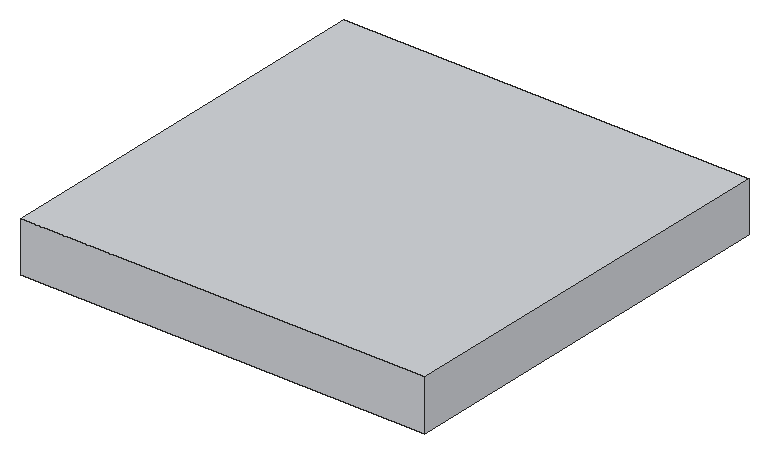
Revit family "Sanitary_Toilet-Seats_DELABIE_101619-Toilet-seat postraitement", category Appareils sanitaires, Revit 2018
Family settings
  Hôte = Face
  Cote de connecteur circulaire = Utiliser le diamètre
  Type d'élément = Normal
  Couper avec des vides une fois chargée = Non
  Partagée = Non
  Point de calcul de pièce = Non
Parameters
  Default Elevation = 1219.2 mm
Reference planes
  plane 1 "Centre (avant/arrière)": y = 0
  plane 2: z = 0
  plane 3 "Centre (gauche/droite)": x = 0
Forms (mm)
  Extrusion 1, solid
    sketch origin (0, 0, 0) x (1, 0, 0) y (0, 1, 0)
      loop
        line (-1219.2, 1219.2) -> (-1219.2, -1219.2) -> (1219.2, -1219.2) -> (1219.2, 1219.2) -> (-1219.2, 1219.2)
    from 0 to -304.8
Dimensions and locks
  aligned and locked: plane 2 to Extrusion 1
  aligned and locked: level to Extrusion 1
Nested families
  nested 1: "Sanitary_Toilet-Seats_DELABIE_101619-Toilet-seat" at (0, 0, 0), type "Default"
Definition of nested family "Sanitary_Toilet-Seats_DELABIE_101619-Toilet-seat"
  Parameters (values of type "Default")
    Youtube clip = ""
    Uniformat II Description = ""
    Uniformat II Code = ""
    Uniclass 2015 Name = "Toilets"
    Uniclass 2015 Code = "SL_35_80_89"
    Uniclass 2.0 Description = ""
    Uniclass 2.0 Code = ""
    Uniclass 1.4 Description = "Toilets"
    Uniclass 1.4 Code = "L7216"
    UNSPSC Code = "301815"
    Technical description = "https://www.delabie.com/products/101619"
    Region South America = "AR, BO, BR, CL, CO, EC, FK, GF, GY, PE, PY, SR, UY, VE"
    Region Oceania = "AU, FJ, NC, NZ, PG, SB, TL, VU"
    Region North America = "BS, BZ, CA, CR, CU, DO, GL, GT, HN, HT, JM, MX, NI, PA, PR, SV, TT, US"
    Region Middle East = "AE, AF, EG, IL, IQ, IR, JO, KW, LB, OM, PS, QA, SA, SY, TR, YE"
    Region Europe = "AL, AT, BA, BE, BG, BY, CH, CY, CZ, DE, DK, EE, ES, FI, FR, GB, GR, HR, HU, IE, IS, IT, LT, LU, LV, MD, ME, MK, NL, NO, PL, PT, RO, RS, RU, SE, SI, SJ, SK, UA"
    Region Asia = "AM, AZ, BD, BN, BT, CN, GE, ID, IN, JP, KG, KH, KP, KR, KZ, LA, LK, MM, MN, MY, NP, PH, PK, TH, TJ, TM, TW, UZ, VN"
    Region Antarctica = "TF"
    Region Africa = "AO, BF, BI, BJ, BW, CD, CF, CG, CI, CM, DJ, DZ, EH, ER, ET, GA, GH, GM, GN, GQ, GW, KE, LR, LS, LY, MA, MG, ML, MR, MW, MZ, NA, NE, NG, RW, SD, SL, SN, SO, SS, SZ, TD, TG, TN, TZ, UG, ZA, ZM, ZW"
    QR code = "http://bimobject.com/delabie/product/101619"
    Product url = "https://www.delabie.com/products/101619"
    Product name = "101619 Toilet seat"
    Product group = "WC pan"
    Product family = "Sanitary"
    Product data url = "https://bimobject.com/delabie/product/101619"
    Product certification = ""
    Product SKU = "101619"
    Product Guid = "459ccb78-4f4c-4453-aa10-013e2e7c146d"
    OmniClass Description = "Toilets"
    OmniClass Code = "23-31 19 00"
    NBS Reference Description = ""
    NBS Reference Code = ""
    Material secondary = ""
    Material main = ""
    Masterformat 2014 Description = "Toilet Accessories"
    Masterformat 2014 Code = "10 28 13"
    Manufacturer name = "DELABIE"
    Manufacturer country = "France"
    Installation instructions = ""
    IFC Classification = "Sanitary Terminal"
    GTIN code = "https://3456330153652"
    Edition number = 1
    Design country = "France"
    Date of publishing = ""
    COBIe Type Category = ""
    Brand url = "http://www.delabie.com"
    BOS_1_Visibility = yes
    BOS_1_Material = none
    BOS_0_Visibility = yes
    BOS_0_Material = none
    BIMobject main category code = "sanitary"
    BIMobject main category = "Sanitary"
    BIMobject category code = "toilet-seats"
    BIMobject category = "Toilet Seats"
  Reference planes
    plane 1 "Center (Front/Back)": y = 0
    plane 2: z = 0
    plane 3 "Center (Left/Right)": x = 0
  Dimensions and locks
    aligned and locked: plane 2 to level
  Imported bodies without a history: 1
